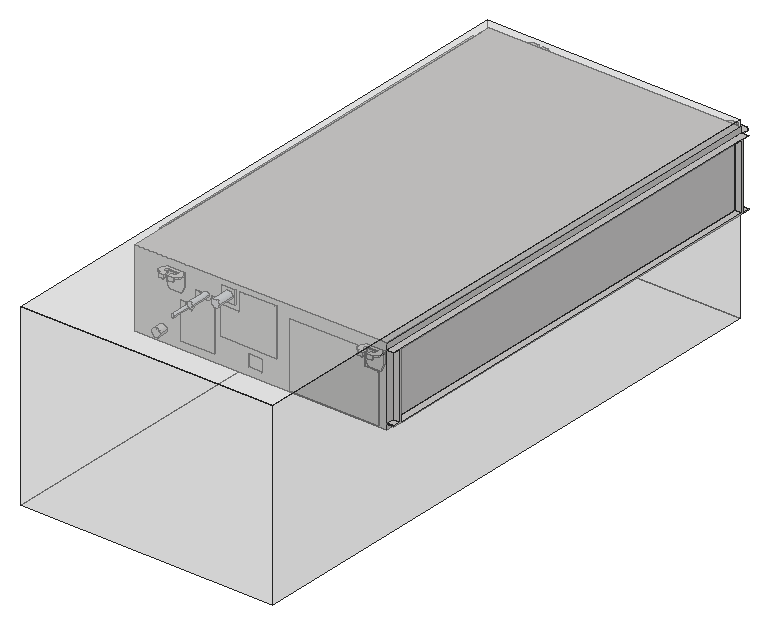
Revit family "outputfile", category 機械設備, Revit 2024
Family settings
  丸型コネクタ寸法 = 半径を使用
  パーツ タイプ = 標準
  OmniClass 番号 = 23.75.10.24.21.27.27
  OmniClass タイトル = Split System Air Conditioning Units
  作業面ベース = いいえ
  常に垂直 = はい
  ロード時にボイドで切り取り = いいえ
  注釈の向きを維持 = いいえ
  共有 = いいえ
  部屋計算ポイント = はい
Parameters (values of type "FXSQ100PAVS")
  Description = ""
  製造元 = "Daikin"
  書き出し IFC クラス(タイプ) = "IfcUnitaryEquipmentType"
  定義済み IFC タイプ(タイプ) = "AIRCONDITIONINGUNIT"
  Cost = 0
  モデル = "FXSQ100PAVS"
  Type Comments = ""
  Keynote = ""
  Type Image = (empty or 0)
  Assembly Code = ""
  r_Liquid Pipe Size = Liquid Pipe Size / 2  # 4.75 mm
  r_Gas Pipe Size = Gas Pipe Size / 2  # 7.95 mm
  r_Drain Pipe Size = Drain Pipe Size / 2  # 12.5 mm
  lw_power = 770.0 mm  # constant formula
  lh_SA = 138.0 mm  # constant formula
  lw_SA = if(Depth = 550.0 mm, 225.0 mm, if(Depth = 700.0 mm, 300.0 mm, if(Depth = 1000.0 mm, 450.0 mm, if(Depth = 1400.0 mm, 650.0 mm, 725.0 mm))))  # 650.0 mm
  lw_RA = if(Depth = 550.0 mm, 275.0 mm, if(Depth = 700.0 mm, 349.0 mm, if(Depth = 1000.0 mm, 499.0 mm, if(Depth = 1400.0 mm, 699.0 mm, 775.0 mm))))  # 699.0 mm
  lh_power = 60.0 mm + [h***]  # 60.0 mm
  lh_mountinghole1 = lh_mountinghole + [h***]  # 222.0 mm
  lh_RA = 123.0 mm  # constant formula
  ld_power = Depth / 2  # 700.0 mm
  Voltage_comment_50Hz = "220-240"
  Voltage_50Hz = 220 V
  URL = ""
  Supply Air Direction [instance] = yes
  Sound Power Level_H speed (dB) = 67
  Phase_50Hz = 1
  Minimum External Static Pressure = 50.00 Pa
  Minimum Circuit Amps_50Hz = 2.5 A
  Maximum Fuse Amps_50Hz = 16.0 A
  Maximum External Static Pressure = 150.00 Pa
  Material_Casing = DAIKIN_GalvanizedSteel_Casing_indoorunit
  lw_mountinghole = 630.0 mm  # constant formula
  lh_gaspipe = 183.0 mm + [h***]  # 183.0 mm
  lh_mountinghole = 222.0 mm  # constant formula
  lh_liquidpipe = 136.0 mm + [h***]  # 136.0 mm
  lh_drainpipe = 207.0 mm + [h***]  # 207.0 mm
  lh_antena = Height - lh_mountinghole + 1.0 mm  # 24.0 mm
  ld_drainpipe = Depth / 2 + 53.0 mm  # 753.0 mm
  ld_liquidpipe = Depth / 2 + 69.0 mm  # 769.0 mm
  ld_gaspipe = Depth / 2 + 65.0 mm  # 765.0 mm
  ld_mountinghole = Depth + 38.0 mm  # 1438.0 mm
  h*** = 0.0 mm  # constant formula
  lw_liquidpipe = 179.0 mm  # constant formula
  lw_gaspipe = 229.0 mm  # constant formula
  lw_drainpipe = 300.0 mm  # constant formula
  Width = 800.0 mm
  Version = "ver.1.0"
  Unit Type = "Middle Static Pressure Duct Type"
  Unit Mass Weight = 46.00 kg
  Unit Designation [instance] = ""
  Uniclass2015Version = "Products v1.30"
  Uniclass2015Title = "Variable refrigerant flow units"
  Uniclass2015Code = "Pr_70_65_03_94"
  Total Heating Capacity [instance] = 0.000 kW
  Total Cooling Capacity [instance] = 0.000 kW
  Sound Pressure Level_M speed (dBA) = 0
  Sound Pressure Level_L speed (dBA) = 32
  Sound Pressure Level_H speed (dBA) = 39
  Series = "VRV Fan Coil Unit"
  Sensible Cooling Capacity [instance] = 0.000 kW
  SA Duct Size Width = if(Depth = 550.0 mm, 337.0 mm, if(Depth = 700.0 mm, 492.0 mm, if(Depth = 1000.0 mm, 792.0 mm, if(Depth = 1400.0 mm, 1192.0 mm, 1337.0 mm))))  # 1192.0 mm
  SA Duct Size Height = 176.0 mm
  Refrigerant Type = "R410A"
  RA Duct Size Width = if(Depth = 550.0 mm, 502.0 mm, if(Depth = 700.0 mm, 654.0 mm, if(Depth = 1000.0 mm, 952.0 mm, if(Depth = 1400.0 mm, 1352.0 mm, 1502.0 mm))))  # 1352.0 mm
  RA Duct Size Height = 208.0 mm
  Power Input (Heating) = 0.326 kW
  Power Input (Cooling) = 0.331 kW
  Option Accessory 3 [instance] = ""
  Option Accessory 2 [instance] = ""
  Option Accessory 1 [instance] = ""
  Nominal Heating Capacity = 12.500 kW
  Nominal Cooling Capacity = 11.200 kW
  Minimum Airflow = 1350.00 m³/h
  Median Airflow = 1620.00 m³/h
  Maximum Airflow = 1920.00 m³/h
  Load Classification = HVAC
  Liquid Pipe Size = 9.5 mm
  Link_Nested Family [instance] = ""
  IfcVersion = "0"
  IfcExportType = "AIRCONDITIONINGUNIT"
  IfcExportAs = "IfcUnitaryEquipmentType"
  Height = 245.0 mm
  Heating Entering Wet Bulb Temperature [instance] = 0.00 °C
  Heating Entering Dry Bulb Temperature [instance] = 0.00 °C
  Heating Ambient Wet Bulb Temperature [instance] = 0.00 °C
  Heating Ambient Dry Bulb Temperature [instance] = 0.00 °C
  Heat Exchanger Type = "Cross Fin Coil"
  Gas Pipe Size = 15.9 mm
  Frequency_50Hz = 50 Hz
  Fan Type = "Sirocco Fan"
  Fan Drive = "Direct Drive"
  FCU Tag No. [instance] = ""
  Drain Pipe Size = 25.0 mm
  Design Supply Airflow [instance] = 0.00 m³/h
  Design Return Airflow [instance] = 0.00 m³/h
  Design External Static Pressure [instance] = 0.00 Pa
  Depth = 1400.0 mm
  既定の高さ = 0.0 mm
  Cooling Entering Wet Bulb Temperature [instance] = 0.00 °C
  Cooling Entering Dry Bulb Temperature [instance] = 0.00 °C
  Cooling Ambient Wet Bulb Temperature [instance] = 0.00 °C
  Cooling Ambient Dry Bulb Temperature [instance] = 0.00 °C
  Clearance visibility [instance] = yes
  Clearance Top = 20.0 mm
  Clearance Right = 0.0 mm
  Clearance Rear = 0.0 mm
  Clearance Left = 0.0 mm
  Clearance Front = 450.0 mm
  Clearance Bottom = 300.0 mm
Reference planes
  plane 1 "Center (Front/Back)": y = 0
  plane 2 "h": z = 0
  plane 3 "Center (Left/Right)": x = 0
  plane 4 "Back": y = 700
  plane 5 "Front": y = -700
  plane 6 "Left": x = -400
  plane 7 "Reight": x = 400
  plane 8 "Top": z = 0
  plane 9 "Bottom": z = -245
  plane 10: y = -215
  plane 11: y = 700
  plane 12: y = -1150
  plane 13: x = -400
  plane 14: x = 400
  plane 15: z = 20
  plane 16: z = -545
  plane 17: x = -400
  plane 18: x = -399
  plane 19: x = 399
  plane 20: y = 50
  plane 21: y = -1
  plane 22: z = -122
  plane 23: y = -701
  plane 24: z = -109
  plane 25: x = -221
  plane 26: y = -765
  plane 27: z = -62
  plane 28: x = -171
  plane 29: y = -753
  plane 30: z = -38
  plane 31: x = -100
  plane 32: x = -100
  plane 33: x = -221
  plane 34: x = -171
  plane 35: x = 370
  plane 36: x = -266
  plane 37: x = 364
  plane 38: y = -719
  plane 39: y = 719
  plane 40: z = -23
  plane 41: z = -107
  plane 42: y = -770
  plane 43: z = -207
  plane 44: x = -309
  plane 45: y = -726
  plane 46: x = -251
  plane 47: x = -203
  plane 48: x = -144
  plane 49: z = -59
  plane 50: z = -106
  plane 51: z = -221
  plane 52: z = -109
  plane 53: x = -221
  plane 54: z = -62
  plane 55: x = -171
  plane 56: z = -17
  plane 57: z = -59
  plane 58: x = -121
  plane 59: x = -79
  plane 60: x = -125
  plane 61: x = -64
  plane 62: x = 53
  plane 63: z = -164
  plane 64: z = -73
  plane 65: z = -16
  plane 66: x = 93.5
  plane 67: x = 374.5
  plane 68: x = 330
  plane 69: z = -88.5
  plane 70: z = -38
  plane 71: z = -242.5
  plane 72: x = -38.5
  plane 73: x = 6.5
  plane 74: z = -181
  plane 75: z = -221
  plane 76: y = -699
  plane 77: x = -424
  plane 78: x = 424
Forms (mm)
  Extrusion 1, solid, material "DAIKIN_GalvanizedSteel_Casing_indoorunit" <- "Material_Casing"
    sketch origin (0, 0, 0) x (1, 0, 0) y (0, 1, 0)
      loop
        line (-399, 700) -> (-399, -700) -> (399, -700) -> (399, 700) -> (-399, 700)
    from -245 to 0
  Extrusion 2, solid, material "DAIKIN_GalvanizedSteel_Casing_indoorunit" <- "Material_Casing"
    sketch origin (0, 0, 0) x (1, 0, 0) y (0, 0, 1)
      loop
        line (-251, -221) -> (-144, -221) -> (-144, -59) -> (-154.47, -59)
        arc (-154.47, -59) -> (-171, -78.8) -> (-187.53, -59) r 16.8
        line (-187.53, -59) -> (-203, -59) -> (-203, -106) -> (-206.916, -106)
        arc (-206.916, -106) -> (-221, -123.4) -> (-235.084, -106) r 14.4
        line (-235.084, -106) -> (-251, -106) -> (-251, -221)
    from 700 to 701
  Extrusion 3, solid, material "DAIKIN_GalvanizedSteel_Casing_indoorunit" <- "Material_Casing"
    sketch origin (0, 0, 0) x (1, 0, 0) y (0, 0, 1)
      loop
        line (-121, -17) -> (-121, -59) -> (-79, -59) -> (-79, -17) -> (-121, -17)
      loop
        line (-125, -73) -> (-125, -164) -> (53, -164) -> (53, -16) -> (-64, -16) -> (-64, -73) -> (-125, -73)
    from 700 to 701
  Extrusion 4, solid, material "DAIKIN_GalvanizedSteel_Casing_indoorunit" <- "Material_Casing"
    sketch origin (0, 0, 0) x (1, 0, 0) y (0, 0, 1)
      loop
        line (93.5, -38) -> (93.5, -242.5) -> (374.5, -242.5) -> (374.5, -88.5) -> (330, -88.5) -> (330, -38) -> (93.5, -38)
    from 700 to 701
  Extrusion 5, solid
    sketch origin (0, 0, 0) x (1, 0, 0) y (0, 0, 1)
      loop
        circle (-221, -109) r 4.75
    from 700 to 770
  Extrusion 6, solid
    sketch origin (0, 0, 0) x (1, 0, 0) y (0, 0, 1)
      loop
        circle (-171, -62) r 7.95
    from 700 to 765
  Extrusion 7, solid
    sketch origin (0, 0, 0) x (1, 0, 0) y (0, 0, 1)
      loop
        circle (-100, -38) r 12.5
    from 701 to 753
  Extrusion 8, solid, material "DAIKIN_GalvanizedSteel_Casing_indoorunit" <- "Material_Casing"
    sketch origin (0, 0, 0) x (1, 0, 0) y (0, 0, 1)
      loop
        circle (-309, -207) r 13
    from 700 to 726
  Extrusion 9, void
    sketch origin (0, 0, 0) x (1, 0, 0) y (0, 0, 1)
      loop
        line (-38.5, -181) -> (-38.5, -221) -> (6.5, -221) -> (6.5, -181) -> (-38.5, -181)
    from 699 to 700
Cuts and joins
  Extrusion 9 cuts Extrusion 1
Dimensions and locks
  "Height": plane 8 "Top" to plane 9 "Bottom"
  equal spacing: plane 4 "Back", plane 1 "Center (Front/Back)", plane 5 "Front"
  "Depth": plane 4 "Back" to plane 5 "Front"
  equal spacing: plane 6 "Left", plane 3 "Center (Left/Right)", plane 7 "Reight"
  "Width": plane 6 "Left" to plane 7 "Reight"
  "Clearance Left": plane 13 to plane 6 "Left"
  "Clearance Right": plane 7 "Reight" to plane 14
  "Clearance Rear": plane 11 to plane 4 "Back"
  "Clearance Front": plane 5 "Front" to plane 12
  "Clearance Top": plane 15 to plane 8 "Top"
  "Clearance Bottom": plane 9 "Bottom" to plane 16
  locked: plane 17 to plane 18 at 1
  locked: plane 19 to plane 14 at 1
  "lw_SA": plane 11 to plane 20
  "lw_RA": plane 21 to plane 5 "Front"
  "lh_RA": plane 22 to plane 9 "Bottom"
  locked: plane 5 "Front" to plane 23 at 1
  "lw_liquidpipe": plane 25 to plane 6 "Left"
  "lh_liquidpipe": plane 24 to plane 9 "Bottom"
  "lh_gaspipe": plane 27 to plane 9 "Bottom"
  "lw_gaspipe": plane 28 to plane 6 "Left"
  "ld_gaspipe": plane 26 to plane 1 "Center (Front/Back)"
  "ld_drainpipe": plane 29 to plane 1 "Center (Front/Back)"
  "lh_drainpipe": plane 30 to plane 9 "Bottom"
  "lw_drainpipe": plane 31 to plane 6 "Left"
  "lw_drainpipe": plane 6 "Left" to plane 32
  "lw_liquidpipe": plane 6 "Left" to plane 33
  "lw_gaspipe": plane 6 "Left" to plane 34
  "lw_power": plane 6 "Left" to plane 35
  locked: plane 17 to plane 36 at 134
  "lw_mountinghole": plane 36 to plane 37
  equal spacing: plane 38, plane 1 "Center (Front/Back)", plane 39
  "ld_mountinghole": plane 39 to plane 38
  "lh_mountinghole": plane 40 to plane 9 "Bottom"
  "lh_SA": plane 41 to plane 9 "Bottom"
  "ld_liquidpipe": plane 21 to plane 42
  locked: plane 44 to plane 6 "Left" at 91
  locked: plane 43 to plane 9 "Bottom" at 38
  locked: plane 5 "Front" to plane 45 at 26
  plane 48 to plane 47 to plane 46 to plane 6 "Left" = 59.0 mm, 48.0 mm, 149.0 mm
  plane 8 "Top" to plane 49 to plane 50 to plane 51 = 59.0 mm locked, 47.0 mm locked, 115.0 mm locked
  plane 55 to plane 53 to plane 6 "Left" = 50.0 mm locked, 179.0 mm locked
  plane 54 to plane 52 to plane 9 "Bottom" = 47.0 mm locked, 136.0 mm locked
  plane 59 to plane 58 to plane 6 "Left" = 42.0 mm locked, 279.0 mm locked
  plane 8 "Top" to plane 56 to plane 57 = 17.0 mm locked, 42.0 mm locked
  plane 62 to plane 61 to plane 60 to plane 6 "Left" = 117.0 mm, 61.0 mm, 275.0 mm
  plane 8 "Top" to plane 65 to plane 64 = 16.0 mm locked, 57.0 mm locked
  locked: plane 65 to plane 63 at 148
  plane 8 "Top" to plane 70 to plane 69 to plane 71 = 38.0 mm locked, 50.5 mm locked, 154.0 mm locked
  plane 67 to plane 68 to plane 66 to plane 6 "Left" = 44.5 mm locked, 236.5 mm locked, 493.5 mm locked
  plane 8 "Top" to plane 74 to plane 75 = 181.0 mm locked, 40.0 mm locked
  plane 73 to plane 72 to plane 6 "Left" = 45.0 mm, 361.5 mm
  locked: plane 76 to plane 5 "Front" at 1
  locked: plane 77 to plane 17 at 24
  locked: plane 14 to plane 78 at 24
  "r_Liquid Pipe Size": radius of Extrusion 5 sketch curve
  "r_Gas Pipe Size": radius of Extrusion 6 sketch curve
  "r_Drain Pipe Size": radius of Extrusion 7 sketch curve
  aligned and locked: level to plane 2 "h"
  aligned and locked: plane 8 "Top" to Extrusion 1
  aligned and locked: Extrusion 1 to plane 9 "Bottom"
  aligned and locked: nested 5 to plane 12
  aligned and locked: plane 13 to nested 5
  aligned and locked: plane 14 to nested 5
  aligned and locked: nested 5 to plane 13
  aligned and locked: plane 11 to nested 5
  aligned and locked: plane 15 to nested 5
  aligned and locked: plane 16 to nested 5
  aligned and locked: plane 5 "Front" to Extrusion 1 sketch curve
  aligned and locked: Extrusion 1 to plane 18
  aligned and locked: plane 19 to Extrusion 1
  aligned and locked: nested 7 to plane 18
  aligned and locked: nested 7 to plane 20
  aligned and locked: plane 19 to nested 8
  aligned and locked: plane 21 to nested 8
  aligned and locked: plane 22 to nested 8
  aligned and locked: Extrusion 2 to plane 23
  aligned and locked: plane 5 "Front" to Extrusion 2
  aligned and locked: Extrusion 3 to plane 23
  aligned and locked: plane 5 "Front" to Extrusion 3
  aligned and locked: plane 5 "Front" to Extrusion 4
  aligned and locked: Extrusion 5 sketch curve to plane 25
  aligned and locked: plane 24 to Extrusion 5 sketch curve
  aligned and locked: plane 5 "Front" to Extrusion 5
  aligned and locked: Extrusion 6 sketch curve to plane 28
  aligned and locked: plane 27 to Extrusion 6 sketch curve
  aligned and locked: plane 5 "Front" to Extrusion 6
  aligned and locked: Extrusion 7 sketch curve to plane 31
  aligned and locked: Extrusion 7 sketch curve to plane 30
  aligned and locked: Extrusion 7 to plane 29
  aligned and locked: plane 23 to Extrusion 7
  aligned and locked: nested 3 to plane 29
  aligned and locked: nested 3 to plane 32
  aligned and locked: nested 2 to plane 33
  aligned and locked: nested 1 to plane 34
  aligned and locked: Extrusion 6 to plane 26
  aligned and locked: nested 1 to plane 26
  aligned and locked: nested 6 to plane 5 "Front"
  aligned and locked: nested 6 to plane 35
  aligned and locked: plane 36 to nested 10
  aligned and locked: nested 10 to plane 5 "Front"
  aligned and locked: plane 37 to nested 9
  aligned and locked: nested 9 to plane 5 "Front"
  aligned and locked: nested 11 to plane 36
  aligned and locked: plane 4 "Back" to nested 11
  aligned and locked: nested 12 to plane 37
  aligned and locked: plane 4 "Back" to nested 12
  aligned and locked: plane 40 to nested 10
  aligned and locked: plane 40 to nested 11
  aligned and locked: plane 40 to nested 9
  aligned and locked: plane 40 to nested 12
  aligned and locked: plane 36 to nested 14
  aligned and locked: nested 14 to plane 39
  aligned and locked: plane 37 to nested 13
  aligned and locked: nested 13 to plane 39
  aligned and locked: plane 37 to nested 16
  aligned and locked: plane 38 to nested 16
  aligned and locked: plane 38 to nested 15
  aligned and locked: plane 36 to nested 15
  aligned and locked: plane 17 to plane 6 "Left"
  aligned and locked: plane 41 to nested 7
  aligned and locked: Extrusion 5 to plane 42
  aligned and locked: nested 2 to plane 42
  aligned and locked: Extrusion 8 sketch curve to plane 44
  aligned and locked: plane 43 to Extrusion 8 sketch curve
  aligned and locked: plane 5 "Front" to Extrusion 8
  aligned and locked: plane 45 to Extrusion 8
  aligned and locked: Extrusion 3 sketch curve to plane 56
  aligned and locked: Extrusion 3 sketch curve to plane 58
  aligned and locked: plane 57 to Extrusion 3 sketch curve
  aligned and locked: plane 59 to Extrusion 3 sketch curve
  aligned and locked: Extrusion 4 to plane 23
  aligned and locked: Extrusion 9 sketch curve to plane 74
  aligned and locked: plane 75 to Extrusion 9 sketch curve
  aligned and locked: plane 73 to Extrusion 9 sketch curve
  aligned and locked: plane 5 "Front" to Extrusion 9
  aligned and locked: plane 76 to Extrusion 9
  aligned and locked: nested 17 to plane 20
  aligned and locked: nested 17 to plane 77
  aligned and locked: plane 21 to nested 18
  aligned and locked: plane 78 to nested 18
  aligned and locked: plane 41 to nested 17
  aligned and locked: nested 18 to plane 22
  aligned and locked: nested 4 to plane 3 "Center (Left/Right)"
  aligned and locked: plane 1 "Center (Front/Back)" to nested 4
  aligned and locked: level to plane 8 "Top"
Automatic sketch dimensions
  plane 6 "Left" to Extrusion 1 sketch curve = 1.0 mm
  Extrusion 1 sketch curve to plane 7 "Reight" = 1.0 mm
  Extrusion 1 sketch curve to plane 4 "Back" = 0.0 mm
  Extrusion 2 sketch curve to plane 46 = 0.0 mm
  Extrusion 2 sketch curve to plane 33 = 0.0 mm
  Extrusion 2 sketch curve to plane 47 = 0.0 mm
  Extrusion 2 sketch curve to plane 34 = 0.0 mm
  Extrusion 2 sketch curve to plane 48 = 0.0 mm
  Extrusion 2 sketch curve to plane 51 = 0.0 mm
  Extrusion 2 sketch curve to plane 52 = 0.0 mm
  Extrusion 2 sketch curve to plane 50 = 0.0 mm  (x3)
  Extrusion 2 sketch curve to plane 54 = 0.0 mm
  Extrusion 2 sketch curve to plane 49 = 0.0 mm  (x3)
  plane 33 to Extrusion 2 sketch curve = 14.084 mm
  plane 34 to Extrusion 2 sketch curve = 16.53 mm
  Extrusion 3 sketch curve to plane 60 = 0.0 mm
  Extrusion 3 sketch curve to plane 61 = 0.0 mm
  Extrusion 3 sketch curve to plane 62 = 0.0 mm
  Extrusion 3 sketch curve to plane 63 = 0.0 mm
  Extrusion 3 sketch curve to plane 64 = 0.0 mm
  Extrusion 3 sketch curve to plane 65 = 0.0 mm
  Extrusion 4 sketch curve to plane 66 = 0.0 mm
  Extrusion 4 sketch curve to plane 68 = 0.0 mm
  Extrusion 4 sketch curve to plane 67 = 0.0 mm
  Extrusion 4 sketch curve to plane 71 = 0.0 mm
  Extrusion 4 sketch curve to plane 69 = 0.0 mm
  Extrusion 4 sketch curve to plane 70 = 0.0 mm
  Extrusion 9 sketch curve to plane 72 = 0.0 mm
  radius of Extrusion 8 sketch curve = 13.0 mm
Nested families
  nested 1: "daikin_connector_rotate2" at (-171, 0, -62), length <- "ld_gaspipe", built-in parameter 1001364 <- "lh_gaspipe", radius <- "r_Gas Pipe Size", type "daikin_connector_rotate2"
    with radius 7.95 mm, length 765.0 mm, angle_vertical 90.00°
  nested 2: "daikin_connector_rotate2" at (-221, -1, -109), length <- "ld_liquidpipe", built-in parameter 1001364 <- "lh_liquidpipe", radius <- "r_Liquid Pipe Size", type "daikin_connector_rotate2"
    with radius 4.75 mm, length 769.0 mm, angle_vertical 90.00°
  nested 3: "daikin_connector_rotate2" at (-100, 0, -38), length <- "ld_drainpipe", built-in parameter 1001364 <- "lh_drainpipe", radius <- "r_Drain Pipe Size", type "daikin_connector_rotate2"
    with radius 12.5 mm, length 753.0 mm, angle_vertical 90.00°
  nested 4: "daikin_△_symbolicline" at (0, 0, 245) x (0, -1, 0) z (0, 0, 1), built-in parameter 1001364 <- "Height", visible <- "Supply Air Direction", type "daikin_△_symbolicline"
    with length 200.0 mm
  nested 5: "daikin_clearancespace" at (0, -225, -262.381), visible <- "Clearance visibility", show <- "Clearance visibility", Link_Nested Family <- "Link_Nested Family", type "daikin_clearancespace"
    with width 800.0 mm, show yes, height 565.0 mm, depth 1850.0 mm, Link_Nested Family ""
  nested 6: "daikin_connector_rotate2" at (370, 0, -185), built-in parameter 1001364 <- "lh_power", length <- "ld_power", type "daikin_connector_rotate2"
    with radius 10.0 mm, length 700.0 mm, angle_vertical 90.00°
  nested 7: "daikin_ductflange_FXSQ-PAVS2" at (-399, 50, -107) x (0, -1, 0) z (0, 0, 1), type "daikin_ductflange_FXSQ-PAVS2"
    with width 1192.0 mm, w 1400.0 mm
  nested 8: "daikin_ductflange_FXSQ-PAVS" at (399, -1, -122) x (0, 1, 0) z (0, 0, 1), type "daikin_ductflange_FXSQ-PAVS"
    with width 1352.0 mm, w 1400.0 mm
  nested 9: "daikin_hangerfixture_FXSQ-PAVS" at (364, -700, -23), type "daikin_hangerfixture_FXSQ-PAVS"
  nested 10: "daikin_hangerfixture_FXSQ-PAVS" at (-266, -700, -23), type "daikin_hangerfixture_FXSQ-PAVS"
  nested 11: "daikin_hangerfixture_FXSQ-PAVS" at (-266, 700, -23) x (-1, 0, 0) z (0, 0, 1), type "daikin_hangerfixture_FXSQ-PAVS"
  nested 12: "daikin_hangerfixture_FXSQ-PAVS" at (364, 700, -23) x (-1, 0, 0) z (0, 0, 1), type "daikin_hangerfixture_FXSQ-PAVS"
  nested 13: "daikin_mountinghole" at (364, 719, -245), h_mountinghole <- "lh_mountinghole1", l_antenna <- "lh_antena", Link_Nested Family <- "Link_Nested Family", type "daikin_mountinghole"
    with show yes, l_antenna 24.0 mm, h_mountinghole 222.0 mm, Link_Nested Family ""
  nested 14: "daikin_mountinghole" at (-266, 719, -245), h_mountinghole <- "lh_mountinghole1", l_antenna <- "lh_antena", Link_Nested Family <- "Link_Nested Family", type "daikin_mountinghole"
    with show yes, l_antenna 24.0 mm, h_mountinghole 222.0 mm, Link_Nested Family ""
  nested 15: "daikin_mountinghole" at (-266, -719, -245), h_mountinghole <- "lh_mountinghole1", l_antenna <- "lh_antena", Link_Nested Family <- "Link_Nested Family", type "daikin_mountinghole"
    with show yes, l_antenna 24.0 mm, h_mountinghole 222.0 mm, Link_Nested Family ""
  nested 16: "daikin_mountinghole" at (364, -719, -245), h_mountinghole <- "lh_mountinghole1", l_antenna <- "lh_antena", Link_Nested Family <- "Link_Nested Family", type "daikin_mountinghole"
    with show yes, l_antenna 24.0 mm, h_mountinghole 222.0 mm, Link_Nested Family ""
  nested 17: "daikin_connector_rotate2" at (-400, 50, -107) x (0, -1, 0) z (0, 0, 1), type "daikin_connector_rotate2"
    with radius 10.0 mm, length 24.0 mm, angle_vertical 90.00°
  nested 18: "daikin_connector_rotate2" at (400, -1, -122) x (0, 1, 0) z (0, 0, 1), type "daikin_connector_rotate2"
    with radius 10.0 mm, length 24.0 mm, angle_vertical 90.00°
Connectors
  piping at (-100, -753, -38), diameter 25, driven by "r_Drain Pipe Size"
    settings: on nested 3, index 3, connector inside diameter 609.6 mm, connector length 0.0 mm, flow factor 0, pipe flow 0.00 m³/h, pressure drop 0.0 Pa, fitting loss kfactor 0, connector angle 0.00°, fixture units 0, engagement length 0.0 mm, angle of deflection 0.00°, flow configuration 1, flow direction 2, fitting loss method 4, system type 16, joint type 0, gender type 0, connector reference index -1, connector utility 0, adjustable connector no, is connector primary yes, connector description "Condensate Drain Piping"
  piping at (-171, -765, -62), diameter 15.9, driven by "r_Gas Pipe Size"
    settings: on nested 1, index 4, connector inside diameter 609.6 mm, connector length 0.0 mm, flow factor 0, pipe flow 0.00 m³/h, pressure drop 0.0 Pa, fitting loss kfactor 0, connector angle 0.00°, fixture units 0, engagement length 0.0 mm, angle of deflection 0.00°, flow configuration 1, flow direction 2, fitting loss method 0, system type 29, joint type 0, gender type 0, connector reference index -1, connector utility 0, adjustable connector no, is connector primary no, connector description "Refrigerant Gas Piping"
  piping at (-221, -770, -109), diameter 9.5, driven by "r_Liquid Pipe Size"
    settings: on nested 2, index 5, connector inside diameter 609.6 mm, connector length 0.0 mm, flow factor 0, pipe flow 0.00 m³/h, pressure drop 0.0 Pa, fitting loss kfactor 0, connector angle 0.00°, fixture units 0, engagement length 0.0 mm, angle of deflection 0.00°, flow configuration 1, flow direction 1, fitting loss method 0, system type 29, joint type 0, gender type 0, connector reference index -1, connector utility 0, adjustable connector no, is connector primary no, connector description "Refrigerant Liquid Piping"
  electrical at (370, -700, -185), driven by "Load Classification"
    settings: on nested 6, index 6, voltage 0 V, apparent load 0 VA, apparent load phase1 0 VA, apparent load phase2 0 VA, apparent load phase3 0 VA, power factor 1, load classification "HVAC", number of poles 1, system type 30, power factor state 1, is connector primary yes, connector utility no, sub classification motor no, connector description "Power Supply"
  hvac at (-424, 50, -107), driven by "SA Duct Size Height", driven by "SA Duct Size Width"
    settings: on nested 17, index 7, duct flow 0.00 m³/h, flow factor 0, pres drop 0.00 Pa, loss coef 0, conn angle 0.00°, conn width 1192.0 mm, conn height 176.0 mm, conn diameter 609.6 mm, duct sys type 1, conn prof type 1, flow config 0, flow direction 2, loss method 4, conn ref index -1, conn util no, is conn primary yes, conn desc "SA Duct"
  hvac at (424, -1, -122), driven by "RA Duct Size Height", driven by "RA Duct Size Width"
    settings: on nested 18, index 8, duct flow 0.00 m³/h, flow factor 0, pres drop 0.00 Pa, loss coef 0, conn angle 0.00°, conn width 1352.0 mm, conn height 208.0 mm, conn diameter 609.6 mm, duct sys type 2, conn prof type 1, flow config 0, flow direction 1, loss method 4, conn ref index -1, conn util no, is conn primary no, conn desc "RA Duct"
Definition of nested family "daikin_clearancespace"
  Parameters (values of type "daikin_clearancespace")
    width [instance] = 1823.963 mm
    show [instance] = yes
    material = none
    height [instance] = 1359.762 mm
    depth [instance] = 880.0 mm
    Default Elevation = 0.0 mm
    Link_Nested Family [instance] = ""
  Reference planes
    plane 1 "Center (Front/Back)": y = 0
    plane 2 "Center (Elevation)": z = -0.119
    plane 3 "Center (Left/Right)": x = 0
    plane 4: y = 440
    plane 5: y = -440
    plane 6 "Right": x = 911.982
    plane 7 "Left": x = -911.982
    plane 8 "Top": z = 679.762
    plane 9 "Bottom": z = -680
  Forms (mm)
    Extrusion 1, solid, material <- "material", visible <- "show"
      sketch origin (0, 0, 0) x (1, 0, 0) y (0, 1, 0)
        loop
          line (-911.982, 440) -> (-911.982, -440) -> (911.982, -440) -> (911.982, 440) -> (-911.982, 440)
      from -680 to 679.762
  Lines and regions (mm)
    symbolic lines, visible <- "show"
      curve 1: line (911.982, 440, 0) -> (-911.982, 440, 0)
      curve 2: line (-911.982, 440, 0) -> (-911.982, -440, 0)
      curve 3: line (-911.982, -440, 0) -> (911.982, -440, 0)
      curve 4: line (911.982, -440, 0) -> (911.982, 440, 0)
      curve 5: line (911.982, 0, 679.762) -> (-911.982, 0, 679.762)
      curve 6: line (911.982, 0, -680) -> (911.982, 0, 679.762)
      curve 7: line (-911.982, 0, -680) -> (911.982, 0, -680)
      curve 8: line (-911.982, 0, 679.762) -> (-911.982, 0, -680)
      curve 9: line (0, 440, 679.762) -> (0, -440, 679.762)
      curve 10: line (0, -440, 679.762) -> (0, -440, -680)
      curve 11: line (0, 440, -680) -> (0, 440, 679.762)
      curve 12: line (0, -440, -680) -> (0, 440, -680)
  Dimensions and locks
    "width": plane 7 "Left" to plane 6 "Right"
    "depth": plane 4 to plane 5
    "height": plane 8 "Top" to plane 9 "Bottom"
    equal spacing: plane 7 "Left", plane 3 "Center (Left/Right)", plane 6 "Right"
    equal spacing: plane 4, plane 1 "Center (Front/Back)", plane 5
    equal spacing: plane 8 "Top", plane 2 "Center (Elevation)", plane 9 "Bottom"
    aligned and locked: level to plane 2 "Center (Elevation)"
    aligned and locked: Extrusion 1 sketch curve to plane 4
    aligned and locked: plane 7 "Left" to Extrusion 1 sketch curve
    aligned and locked: Extrusion 1 sketch curve to plane 5
    aligned and locked: Extrusion 1 sketch curve to plane 6 "Right"
    aligned and locked: plane 8 "Top" to Extrusion 1
    aligned and locked: curve 1 to Extrusion 1
    aligned and locked: curve 2 to Extrusion 1
    aligned and locked: curve 3 to Extrusion 1
    aligned and locked: curve 4 to Extrusion 1
    aligned and locked: curve 5 to Extrusion 1
    aligned and locked: curve 6 to Extrusion 1
    aligned and locked: curve 7 to Extrusion 1
    aligned and locked: curve 8 to Extrusion 1
    aligned and locked: curve 9 to Extrusion 1
    aligned and locked: curve 10 to Extrusion 1
    aligned and locked: curve 11 to Extrusion 1
    aligned and locked: curve 12 to Extrusion 1
    aligned and locked: Extrusion 1 to plane 9 "Bottom"
Definition of nested family "daikin_ductflange_FXSQ-PAVS2"
  Parameters (values of type "daikin_ductflange_FXMQ-PAVE2")
    width = if(w = 550.0 mm, 337.0 mm, if(w = 700.0 mm, 492.0 mm, if(w = 1000.0 mm, 792.0 mm, if(w = 1400.0 mm, 1192.0 mm, 1337.0 mm))))  # 337.0 mm
    material = none
    height = 215.0 mm
    depth = 1.0 mm
    w = 550.0 mm
    Default Elevation = 0.0 mm
  Reference planes
    plane 1 "Center (Front/Back)": y = 0
    plane 2: z = 0
    plane 3 "Center (Left/Right)": x = 0
    plane 4: z = 88
    plane 5: z = -88
    plane 6: y = -25
    plane 7: z = 106
    plane 8: z = 89
    plane 9: y = -1
    plane 10: x = -192.5
    plane 11: x = 192.5
    plane 12: z = -106
    plane 13: z = -89
    plane 14: y = -1
    plane 15: x = 168.5
    plane 16: x = -168.5
    plane 17: x = 169.5
    plane 18: z = 87
    plane 19: z = -87
    plane 20: x = -169.5
    plane 21: z = 87
    plane 22: z = -87
    plane 23: y = -1
  Forms (mm)
    Extrusion 1, solid, material <- "material"
      sketch origin (0, 0, 0) x (0, 1, 0) y (0, 0, 1)
        loop
          line (-25, 88) -> (0, 88) -> (0, 106) -> (-1, 106) -> (-1, 89) -> (-25, 89) -> (-25, 88)
      from -192.5 to 192.5
    Extrusion 2, solid, material <- "material"
      sketch origin (0, 0, 0) x (0, 1, 0) y (0, 0, 1)
        loop
          line (-25, -88) -> (-25, -89) -> (-1, -89) -> (-1, -106) -> (0, -106) -> (0, -88) -> (-25, -88)
      from -192.5 to 192.5
    Extrusion 3, solid, material <- "material"
      sketch origin (0, 0, 0) x (1, 0, 0) y (0, 0, 1)
        loop
          line (168.5, 88) -> (168.5, -88) -> (192.5, -88) -> (192.5, -87) -> (169.5, -87) -> (169.5, 87) -> (192.5, 87) -> (192.5, 88) -> (168.5, 88)
      from 0 to 25
    Extrusion 4, solid, material <- "material"
      sketch origin (0, 0, 0) x (1, 0, 0) y (0, 0, 1)
        loop
          line (-192.5, 88) -> (-192.5, 87) -> (-169.5, 87) -> (-169.5, -87) -> (-192.5, -87) -> (-192.5, -88) -> (-168.5, -88) -> (-168.5, 88) -> (-192.5, 88)
      from 0 to 25
    Extrusion 5, solid, material <- "material"
      sketch origin (0, 0, 0) x (1, 0, 0) y (0, 0, 1)
        loop
          line (-192.5, 88) -> (-192.5, -88) -> (-168.5, -88) -> (-168.5, 88) -> (-192.5, 88)
        loop
          line (192.5, 88) -> (168.5, 88) -> (168.5, -88) -> (192.5, -88) -> (192.5, 88)
      from 0 to 1
  Cuts and joins
    joined: Extrusion 1, Extrusion 2, Extrusion 3, Extrusion 4, Extrusion 5
  Dimensions and locks
    plane 4 to level to plane 5 = 88.0 mm, 88.0 mm
    locked: plane 6 to plane 1 "Center (Front/Back)" at 25
    locked: plane 9 to plane 1 "Center (Front/Back)" at 1
    locked: plane 8 to plane 4 at 1
    locked: plane 16 to plane 10 at 24
    locked: plane 17 to plane 15 at 1
    locked: plane 4 to plane 18 at 1
    locked: plane 19 to plane 5 at 1
    "width": plane 15 to plane 16
    plane 4 to plane 5 = 176.0 mm
    locked: plane 16 to plane 20 at 1
    locked: plane 4 to plane 21 at 1
    locked: plane 22 to plane 5 at 1
    locked: plane 23 to plane 1 "Center (Front/Back)" at 1
    plane 4 to level to plane 5 = 88.0 mm locked, 88.0 mm locked
    locked: plane 5 to plane 13 at 1
    locked: plane 5 to plane 12 at 18
    locked: plane 7 to plane 4 at 18
    equal spacing: plane 15, plane 3 "Center (Left/Right)", plane 16
    locked: plane 11 to plane 15 at 24
    plane 11 to plane 10 = 385.0 mm
    aligned and locked: level to plane 2
    aligned and locked: Extrusion 1 to plane 10
    aligned and locked: plane 11 to Extrusion 1
    aligned and locked: plane 5 to Extrusion 2
    aligned and locked: Extrusion 2 to plane 1 "Center (Front/Back)"
    aligned and locked: plane 15 to Extrusion 3 sketch curve
    aligned and locked: Extrusion 3 sketch curve to Extrusion 2  (x2)
    aligned and locked: Extrusion 3 sketch curve to plane 11
    aligned and locked: plane 6 to Extrusion 3
    aligned and locked: Extrusion 2 to plane 10
    aligned and locked: plane 11 to Extrusion 2
    aligned and locked: Extrusion 4 sketch curve to Extrusion 1  (x2)
    aligned and locked: plane 5 to Extrusion 4 sketch curve
    aligned and locked: Extrusion 4 sketch curve to plane 16
    aligned and locked: Extrusion 4 sketch curve to plane 22
    aligned and locked: plane 20 to Extrusion 4 sketch curve
    aligned and locked: plane 21 to Extrusion 4 sketch curve
    aligned and locked: Extrusion 4 to plane 1 "Center (Front/Back)"
    aligned and locked: plane 6 to Extrusion 4
    aligned and locked: Extrusion 5 sketch curve to Extrusion 1  (x4)
    aligned and locked: Extrusion 5 sketch curve to Extrusion 4  (x2)
    aligned and locked: Extrusion 5 sketch curve to Extrusion 3  (x2)
    aligned and locked: Extrusion 5 to plane 1 "Center (Front/Back)"
    aligned and locked: plane 23 to Extrusion 5
  Automatic sketch dimensions
    Extrusion 1 sketch curve to plane 6 = 0.0 mm
    Extrusion 1 sketch curve to plane 7 = 0.0 mm
    Extrusion 1 sketch curve to plane 9 = 0.0 mm
    Extrusion 1 sketch curve to plane 1 "Center (Front/Back)" = 0.0 mm
    Extrusion 1 sketch curve to plane 4 = 0.0 mm
    Extrusion 1 sketch curve to plane 8 = 0.0 mm
    Extrusion 2 sketch curve to plane 6 = 0.0 mm
    plane 12 to Extrusion 2 sketch curve = 0.0 mm
    Extrusion 2 sketch curve to plane 14 = 0.0 mm
    Extrusion 2 sketch curve to plane 1 "Center (Front/Back)" = 0.0 mm
    plane 13 to Extrusion 2 sketch curve = 0.0 mm
    Extrusion 2 sketch curve to plane 5 = 0.0 mm
    Extrusion 3 sketch curve to plane 17 = 0.0 mm
    Extrusion 3 sketch curve to plane 19 = 0.0 mm
    Extrusion 3 sketch curve to plane 18 = 0.0 mm
    Extrusion 3 sketch curve to plane 4 = 0.0 mm
    Extrusion 4 sketch curve to plane 10 = 0.0 mm
Definition of nested family "daikin_ductflange_FXSQ-PAVS"
  Parameters (values of type "daikin_ductflange_FXMQ-PAVE")
    width = if(w = 550.0 mm, 502.0 mm, if(w = 700.0 mm, 654.0 mm, if(w = 1000.0 mm, 952.0 mm, if(w = 1400.0 mm, 1352.0 mm, 1502.0 mm))))  # 502.0 mm
    material = none
    height = 208.0 mm
    depth = 1.0 mm
    w = 550.0 mm
    Default Elevation = 0.0 mm
  Reference planes
    plane 1 "Center (Front/Back)": y = 0
    plane 2: z = 0
    plane 3 "Center (Left/Right)": x = 0
    plane 4: z = 104
    plane 5: z = -104
    plane 6: y = -25
    plane 7: z = 121
    plane 8: z = 105
    plane 9: y = -1
    plane 10: x = -275
    plane 11: x = 275
    plane 12: z = -122
    plane 13: z = -105
    plane 14: y = -1
    plane 15: x = 251
    plane 16: x = -251
    plane 17: x = 252
    plane 18: z = 103
    plane 19: z = -103
    plane 20: x = -252
    plane 21: z = 103
    plane 22: z = -103
    plane 23: y = -1
  Forms (mm)
    Extrusion 1, solid, material <- "material"
      sketch origin (0, 0, 0) x (0, 1, 0) y (0, 0, 1)
        loop
          line (-25, 104) -> (0, 104) -> (0, 121) -> (-1, 121) -> (-1, 105) -> (-25, 105) -> (-25, 104)
      from -275 to 275
    Extrusion 2, solid, material <- "material"
      sketch origin (0, 0, 0) x (0, 1, 0) y (0, 0, 1)
        loop
          line (-25, -104) -> (-25, -105) -> (-1, -105) -> (-1, -122) -> (0, -122) -> (0, -104) -> (-25, -104)
      from -275 to 275
    Extrusion 3, solid, material <- "material"
      sketch origin (0, 0, 0) x (1, 0, 0) y (0, 0, 1)
        loop
          line (251, 104) -> (251, -104) -> (275, -104) -> (275, -103) -> (252, -103) -> (252, 103) -> (275, 103) -> (275, 104) -> (251, 104)
      from 0 to 25
    Extrusion 4, solid, material <- "material"
      sketch origin (0, 0, 0) x (1, 0, 0) y (0, 0, 1)
        loop
          line (-275, 104) -> (-275, 103) -> (-252, 103) -> (-252, -103) -> (-275, -103) -> (-275, -104) -> (-251, -104) -> (-251, 104) -> (-275, 104)
      from 0 to 25
    Extrusion 5, solid, material <- "material"
      sketch origin (0, 0, 0) x (1, 0, 0) y (0, 0, 1)
        loop
          line (-275, 104) -> (-275, -104) -> (-251, -104) -> (-251, 104) -> (-275, 104)
        loop
          line (275, 104) -> (251, 104) -> (251, -104) -> (275, -104) -> (275, 104)
      from 0 to 1
  Cuts and joins
    joined: Extrusion 1, Extrusion 2, Extrusion 3, Extrusion 4, Extrusion 5
  Dimensions and locks
    plane 4 to level to plane 5 = 104.0 mm, 104.0 mm
    locked: plane 6 to plane 1 "Center (Front/Back)" at 25
    locked: plane 9 to plane 1 "Center (Front/Back)" at 1
    locked: plane 8 to plane 4 at 1
    locked: plane 11 to plane 15 at 24
    locked: plane 16 to plane 10 at 24
    locked: plane 17 to plane 15 at 1
    locked: plane 4 to plane 18 at 1
    locked: plane 19 to plane 5 at 1
    "width": plane 15 to plane 16
    equal spacing: plane 15, plane 3 "Center (Left/Right)", plane 16
    locked: plane 16 to plane 20 at 1
    locked: plane 4 to plane 21 at 1
    locked: plane 22 to plane 5 at 1
    locked: plane 23 to plane 1 "Center (Front/Back)" at 1
    locked: plane 7 to plane 4 at 17
    locked: plane 1 "Center (Front/Back)" to plane 14 at 1
    locked: plane 5 to plane 13 at 1
    "height": plane 4 to plane 5
    plane 11 to plane 10 = 550.0 mm
    locked: plane 12 to plane 13 at 17
    equal spacing: plane 4, level, plane 5
    aligned and locked: level to plane 2
    aligned and locked: Extrusion 1 to plane 10
    aligned and locked: plane 11 to Extrusion 1
    aligned and locked: plane 5 to Extrusion 2
    aligned and locked: Extrusion 2 to plane 1 "Center (Front/Back)"
    aligned and locked: plane 15 to Extrusion 3 sketch curve
    aligned and locked: Extrusion 3 sketch curve to Extrusion 2  (x2)
    aligned and locked: Extrusion 3 sketch curve to plane 11
    aligned and locked: plane 6 to Extrusion 3
    aligned and locked: Extrusion 2 to plane 10
    aligned and locked: plane 11 to Extrusion 2
    aligned and locked: Extrusion 4 sketch curve to Extrusion 1  (x2)
    aligned and locked: plane 5 to Extrusion 4 sketch curve
    aligned and locked: Extrusion 4 sketch curve to plane 16
    aligned and locked: Extrusion 4 sketch curve to plane 22
    aligned and locked: plane 20 to Extrusion 4 sketch curve
    aligned and locked: plane 21 to Extrusion 4 sketch curve
    aligned and locked: Extrusion 4 to plane 1 "Center (Front/Back)"
    aligned and locked: plane 6 to Extrusion 4
    aligned and locked: Extrusion 5 sketch curve to Extrusion 1  (x4)
    aligned and locked: Extrusion 5 sketch curve to Extrusion 4  (x2)
    aligned and locked: Extrusion 5 sketch curve to Extrusion 3  (x2)
    aligned and locked: Extrusion 5 to plane 1 "Center (Front/Back)"
    aligned and locked: plane 23 to Extrusion 5
  Automatic sketch dimensions
    Extrusion 1 sketch curve to plane 6 = 0.0 mm
    Extrusion 1 sketch curve to plane 7 = 0.0 mm
    Extrusion 1 sketch curve to plane 9 = 0.0 mm
    Extrusion 1 sketch curve to plane 1 "Center (Front/Back)" = 0.0 mm
    Extrusion 1 sketch curve to plane 4 = 0.0 mm
    Extrusion 1 sketch curve to plane 8 = 0.0 mm
    Extrusion 2 sketch curve to plane 6 = 0.0 mm
    plane 12 to Extrusion 2 sketch curve = 0.0 mm
    Extrusion 2 sketch curve to plane 14 = 0.0 mm
    Extrusion 2 sketch curve to plane 1 "Center (Front/Back)" = 0.0 mm
    plane 13 to Extrusion 2 sketch curve = 0.0 mm
    Extrusion 2 sketch curve to plane 5 = 0.0 mm
    Extrusion 3 sketch curve to plane 17 = 0.0 mm
    Extrusion 3 sketch curve to plane 19 = 0.0 mm
    Extrusion 3 sketch curve to plane 18 = 0.0 mm
    Extrusion 3 sketch curve to plane 4 = 0.0 mm
    Extrusion 4 sketch curve to plane 10 = 0.0 mm
Definition of nested family "daikin_hangerfixture_FXSQ-PAVS"
  Parameters (values of type "daikin_hangerfixture_FXMQ-PAVE")
    width = 72.0 mm
    material = none
    height = 60.0 mm
    depth = 41.0 mm
    Default Elevation = 0.0 mm
  Reference planes
    plane 1 "Center (Front/Back)": y = 0
    plane 2: z = 0
    plane 3 "Center (Left/Right)": x = 0
    plane 4: y = 417.146
    plane 5: y = -41
    plane 6: x = -36
    plane 7: x = 36
    plane 8: z = -2.3
    plane 9: z = -60
    plane 10: y = -2.3
    plane 11: z = -12
    plane 12: y = -38.7
  Forms (mm)
    Extrusion 1, solid, material <- "material"
      sketch origin (0, 0, 0) x (1, 0, 0) y (0, 1, 0)
        loop
          line (-28, 0) -> (-28, -5)
          arc (-28, -5) -> (-29.127, -8.162) -> (-32, -9.899) r 5
          arc (-32, -9.899) -> (-34.873, -11.636) -> (-36, -14.798) r 5
          line (-36, -14.798) -> (-36, -27.178)
          arc (-36, -27.178) -> (-35.429, -29.499) -> (-33.846, -31.289) r 5
          line (-33.846, -31.289) -> (-23, -38.798) -> (-23, -41.098) -> (-6.5, -41.098) -> (-6.5, -28.498)
          arc (-6.5, -28.498) -> (-7.379, -26.377) -> (-9.5, -25.498) r 3
          line (-9.5, -25.498) -> (-13.5, -25.498)
          arc (-13.5, -25.498) -> (-20, -18.998) -> (-13.5, -12.498) r 6.5
          line (-13.5, -12.498) -> (13.5, -12.498)
          arc (13.5, -12.498) -> (20, -18.998) -> (13.5, -25.498) r 6.5
          line (13.5, -25.498) -> (9.5, -25.498)
          arc (9.5, -25.498) -> (7.379, -26.377) -> (6.5, -28.498) r 3
          line (6.5, -28.498) -> (6.5, -41.098) -> (23, -41.098) -> (23, -38.798) -> (33.846, -31.289)
          arc (33.846, -31.289) -> (35.429, -29.499) -> (36, -27.178) r 5
          line (36, -27.178) -> (36, -14.596)
          arc (36, -14.596) -> (34.873, -11.434) -> (32, -9.697) r 5
          arc (32, -9.697) -> (29.127, -7.96) -> (28, -4.798) r 5
          line (28, -4.798) -> (28, 0) -> (-28, 0)
      from 0 to -2.3
    Extrusion 2, solid, material <- "material"
      sketch origin (0, 0, 0) x (1, 0, 0) y (0, 0, 1)
        loop
          line (28, -39.037) -> (28, 0) -> (-28, 0) -> (-28, -39.037)
          arc (-28, -39.037) -> (-27.91, -39.983) -> (-27.642, -40.894) r 5
          line (-27.642, -40.894) -> (-21.257, -56.857)
          arc (-21.257, -56.857) -> (-19.418, -59.14) -> (-16.615, -60) r 5
          line (-16.615, -60) -> (16.615, -60)
          arc (16.615, -60) -> (19.418, -59.14) -> (21.257, -56.857) r 5
          line (21.257, -56.857) -> (27.642, -40.894)
          arc (27.642, -40.894) -> (27.91, -39.983) -> (28, -39.037) r 5
      from 0 to 2.3
    Extrusion 3, solid, material <- "material"
      sketch origin (0, 0, 0) x (1, 0, 0) y (0, 0, 1)
        loop
          line (-23, 0) -> (-23, -9)
          arc (-23, -9) -> (-22.121, -11.121) -> (-20, -12) r 3
          line (-20, -12) -> (-9.5, -12)
          arc (-9.5, -12) -> (-7.379, -11.121) -> (-6.5, -9) r 3
          line (-6.5, -9) -> (-6.5, 0) -> (-23, 0)
        loop
          line (23, 0) -> (6.5, 0) -> (6.5, -9)
          arc (6.5, -9) -> (7.379, -11.121) -> (9.5, -12) r 3
          line (9.5, -12) -> (20, -12)
          arc (20, -12) -> (22.121, -11.121) -> (23, -9) r 3
          line (23, -9) -> (23, 0)
      from 38.8 to 41.098
  Cuts and joins
    joined: Extrusion 1, Extrusion 2, Extrusion 3
  Dimensions and locks
    plane 2 to plane 8 = 2.3 mm
    "height": plane 2 to plane 9
    locked: plane 10 to plane 1 "Center (Front/Back)" at 2.3
    locked: plane 2 to plane 11 at 12
    locked: plane 12 to plane 5 at 2.3
    aligned and locked: level to plane 2
    aligned and locked: Extrusion 1 to plane 8
    aligned and locked: plane 2 to Extrusion 1
    aligned and locked: plane 2 to Extrusion 2 sketch curve
    aligned and locked: Extrusion 2 to plane 10
    aligned and locked: Extrusion 2 to plane 1 "Center (Front/Back)"
    aligned and locked: Extrusion 3 sketch curve to cut or joined group of Extrusion 1, Extrusion 2, Extrusion 3  (x3)
    aligned and locked: cut or joined group of Extrusion 1, Extrusion 2, Extrusion 3 to Extrusion 3
  Automatic sketch dimensions
    Extrusion 2 sketch curve to plane 7 = 8.0 mm
    Extrusion 2 sketch curve to plane 8 = 36.737 mm
    plane 6 to Extrusion 2 sketch curve = 19.385 mm
    Extrusion 1 sketch curve to plane 6 = 0.0 mm
    plane 1 "Center (Front/Back)" to Extrusion 1 sketch curve = 0.0 mm
    Extrusion 1 sketch curve to plane 7 = 0.0 mm
    plane 6 to Extrusion 1 sketch curve = 2.154 mm
    plane 6 to Extrusion 1 sketch curve = 3.0 mm
    Extrusion 1 sketch curve to Extrusion 1 sketch curve = 5.0 mm  (x3)
    Extrusion 1 sketch curve to plane 12 = 0.098 mm  (x2)
    Extrusion 1 sketch curve to Extrusion 1 sketch curve = 4.0 mm  (x2)
    Extrusion 1 sketch curve to plane 5 = 0.098 mm  (x2)
    Extrusion 1 sketch curve to plane 3 "Center (Left/Right)" = 6.5 mm
    plane 3 "Center (Left/Right)" to Extrusion 1 sketch curve = 6.5 mm
    Extrusion 1 sketch curve to Extrusion 1 sketch curve = 3.0 mm
    Extrusion 1 sketch curve to plane 7 = 8.0 mm
    Extrusion 1 sketch curve to plane 7 = 5.0 mm
    Extrusion 1 sketch curve to plane 7 = 3.0 mm
    Extrusion 1 sketch curve to plane 7 = 2.154 mm
    plane 12 to Extrusion 1 sketch curve = 7.411 mm  (x2)
    plane 12 to Extrusion 1 sketch curve = 10.202 mm  (x2)
    Extrusion 1 sketch curve to Extrusion 1 sketch curve = 6.5 mm  (x2)
    Extrusion 1 sketch curve to Extrusion 1 sketch curve = 12.38 mm
    Extrusion 1 sketch curve to plane 10 = 12.296 mm
    Extrusion 1 sketch curve to plane 10 = 2.7 mm
    Extrusion 1 sketch curve to plane 10 = 2.498 mm
    plane 6 to Extrusion 1 sketch curve = 4.0 mm
    Extrusion 1 sketch curve to Extrusion 1 sketch curve = 0.0 mm  (x2)
    Extrusion 1 sketch curve to plane 7 = 4.0 mm
    Extrusion 1 sketch curve to Extrusion 1 sketch curve = 4.111 mm
    Extrusion 3 sketch curve to level = 0.0 mm  (x2)
    Extrusion 3 sketch curve to plane 11 = 0.0 mm  (x2)
    plane 11 to Extrusion 3 sketch curve = 3.0 mm  (x2)
    plane 3 "Center (Left/Right)" to Extrusion 3 sketch curve = 6.5 mm
    Extrusion 3 sketch curve to Extrusion 3 sketch curve = 3.0 mm  (x2)
    Extrusion 2 sketch curve to plane 9 = 0.0 mm
    Extrusion 2 sketch curve to Extrusion 2 sketch curve = 11.385 mm
    plane 6 to Extrusion 2 sketch curve = 8.0 mm
    plane 9 to Extrusion 2 sketch curve = 20.963 mm
    Extrusion 2 sketch curve to Extrusion 2 sketch curve = 5.0 mm  (x2)
    plane 9 to Extrusion 2 sketch curve = 3.143 mm  (x3)
    Extrusion 2 sketch curve to Extrusion 2 sketch curve = 4.642 mm  (x2)
    Extrusion 2 sketch curve to Extrusion 2 sketch curve = 0.0 mm  (x2)
    Extrusion 2 sketch curve to Extrusion 2 sketch curve = 0.358 mm
    Extrusion 2 sketch curve to Extrusion 2 sketch curve = 1.857 mm  (x2)
Definition of nested family "daikin_connector_rotate2"
  Parameters (values of type "daikin_connector_rotate2")
    Default Elevation = 1219.2 mm
    show_face = no
    radius [instance] = 10.0 mm
    length [instance] = 600.0 mm
    d_surface = 10.0 mm
    angle_vertical [instance] = 90.00°
  Reference planes
    plane 1 "Center (Front/Back)": y = 0
    plane 2: z = 0
    plane 3 "Center (Left/Right)": x = 0
  Forms (mm)
    Extrusion 1, solid, visible <- "show_face"
      sketch origin (0, -600, 0) x (1, 0, 0) y (0, 0, 1)
        loop
          circle (0, 0) r 10
      from 0 to -10
  Lines and regions (mm)
    reference lines
      curve 1: line (0, 0, 0) -> (0, -600, 0)
    symbolic lines
      curve 2: circle (0, 0, 0) r 5 normal (0, 0, 1)
    model lines, visible <- "show_face"
      curve 3: line (0, 0, 0) -> (0, -600, 0)
  Dimensions and locks
    "length": curve 1 to curve 1
    "length": curve 3 to curve 3
    "d_surface": Extrusion 1 to Extrusion 1
    "radius": radius of Extrusion 1 sketch curve
    "angle_vertical": angle curve 1 to plane 1 "Center (Front/Back)"
    "angle_vertical": angle curve 3 to plane 1 "Center (Front/Back)"
    aligned and locked: level to plane 2
    aligned and locked: plane 1 "Center (Front/Back)" to curve 1
    aligned and locked: plane 2 to curve 1
    aligned and locked: plane 1 "Center (Front/Back)" to curve 2
    aligned and locked: plane 3 "Center (Left/Right)" to curve 2
    aligned and locked: plane 1 "Center (Front/Back)" to curve 3
    aligned and locked: plane 2 to curve 3
    aligned and locked: Extrusion 1 to Extrusion 1
  Automatic sketch dimensions
    Extrusion 1 sketch curve to level = 0.0 mm
    Extrusion 1 sketch curve to plane 3 "Center (Left/Right)" = 0.0 mm
    radius of curve 2 = 5.0 mm
Definition of nested family "daikin_△_symbolicline"
  Parameters (values of type "daikin_△_symbolicline")
    length [instance] = 200.0 mm
    Default Elevation = 0.0 mm
  Reference planes
    plane 1 "Center (Front/Back)": y = 0
    plane 2: z = 0
    plane 3 "Center (Left/Right)": x = 0
  Lines and regions (mm)
    symbolic lines
      curve 1: line (0, -173.205, 0) -> (100, 0, 0)
      curve 2: line (100, 0, 0) -> (-100, 0, 0)
      curve 3: line (-100, 0, 0) -> (0, -173.205, 0)
  Dimensions and locks
    equal spacing: curve 3, plane 3 "Center (Left/Right)", curve 2
    "length": curve 3 to curve 2
    "length": curve 3 to curve 3
    "length": curve 1 to curve 1
    aligned and locked: level to plane 2
    aligned and locked: curve 2 to plane 1 "Center (Front/Back)"
    aligned and locked: plane 3 "Center (Left/Right)" to curve 3
Definition of nested family "daikin_mountinghole"
  Parameters (values of type "daikin_mountinghole")
    Default Elevation = 1219.2 mm
    Type Comments = "mountinghole"
    show [instance] = yes
    material = none
    l_centerline = 100.0 mm
    l_antenna [instance] = 100.0 mm
    h_mountinghole [instance] = 0.0 mm
    d_circle = 30.0 mm
    Link_Nested Family [instance] = ""
  Reference planes
    plane 1 "Center (Front/Back)": y = 0
    plane 2: z = 0
    plane 3 "Center (Left/Right)": x = 0
    plane 4: y = 50
    plane 5: x = -50
    plane 6: x = 50
    plane 7: y = -50
    plane 8 "h_mountinghole": z = 0
    plane 9: z = 100
  Lines and regions (mm)
    model lines, detail levels fine
      curve 1: circle (0, 0, 0) r 15 normal (0, 0, 1)
      curve 2: line (-50, 0, 0) -> (50, 0, 0)
      curve 3: line (0, 50, 0) -> (0, -50, 0)
    symbolic lines, detail levels fine
      curve 4: circle (0, 0, 0) r 15 normal (0, 0, 1)
      curve 5: line (-50, 0, 0) -> (50, 0, 0)
      curve 6: line (0, 50, 0) -> (0, -50, 0)
    model lines
      curve 7: line (0, 0, 100) -> (0, 0, 0)
  Dimensions and locks
    equal spacing: plane 4, plane 1 "Center (Front/Back)", plane 7
    "l_centerline": plane 4 to plane 7
    equal spacing: plane 5, plane 3 "Center (Left/Right)", plane 6
    "l_centerline": plane 5 to plane 6
    "l_antenna": plane 9 to plane 8 "h_mountinghole"
    "h_mountinghole": plane 8 "h_mountinghole" to plane 2
    "d_circle": diameter of curve 1
    "d_circle": diameter of curve 4
    aligned and locked: level to plane 2
    aligned and locked: plane 1 "Center (Front/Back)" to curve 1
    aligned and locked: plane 3 "Center (Left/Right)" to curve 1
    aligned and locked: plane 1 "Center (Front/Back)" to curve 2
    aligned and locked: curve 3 to plane 3 "Center (Left/Right)"
    aligned and locked: plane 6 to curve 2
    aligned and locked: plane 5 to curve 2
    aligned and locked: plane 4 to curve 3
    aligned and locked: plane 7 to curve 3
    aligned and locked: plane 1 "Center (Front/Back)" to curve 4
    aligned and locked: plane 3 "Center (Left/Right)" to curve 4
    aligned and locked: plane 6 to curve 5
    aligned and locked: plane 5 to curve 5
    aligned and locked: plane 1 "Center (Front/Back)" to curve 5
    aligned and locked: plane 4 to curve 6
    aligned and locked: plane 7 to curve 6
    aligned and locked: curve 6 to plane 3 "Center (Left/Right)"
    aligned and locked: curve 7 to plane 3 "Center (Left/Right)"
    aligned and locked: plane 9 to curve 7
    aligned and locked: plane 8 "h_mountinghole" to curve 7
